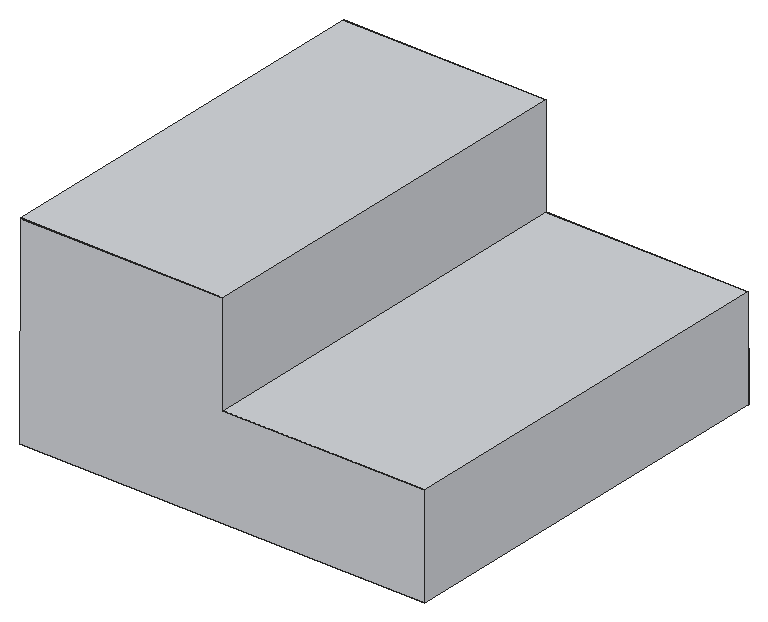
Revit family "FK067-20x20x10-Z", category Furniture Systems, Revit 2019
Family settings
  Round Connector Dimension = Use Diameter
  Part Type = Normal
  Work Plane-Based = No
  Always vertical = Yes
  Cut with Voids When Loaded = No
  Shared = No
  Room Calculation Point = No
Parameters (values of type "Cushy Step, 20L x 20W x 10H, Zippered")
  URL = "https://fomcore.com/"
  Side Fabric = none
  Model = "FK067-20x20x10-Z"
  Manufacturer = "FOMCORE"
  Description = "Lil Explorer - Step"
  Center Fabric = none
Reference planes (in)
  plane 1 "Center F/B": y = 0
  plane 2: z = 0
  plane 3 "Center L/R": x = 0
  plane 4: x = 10
  plane 5: y = 10
  plane 6: y = -10
  plane 7: x = -10
  plane 8: z = 10
  plane 9: z = 5
Forms (in)
  Sweep 1, solid, material <- "Center Fabric"
    path origin (0, 0, 0) x (1, 0, 0) y (0, 0, 1)
      loop
        line (-10, 10) -> (-10, 0) -> (10, 0) -> (10, 5) -> (0, 5) -> (0, 10) -> (-10, 10)
    profile origin (-5, 0, 10) x (0, 0, 1) y (0, -1, 0)
      loop
        line (0, -10) -> (0, 10) -> (-0.24097, 9.75903) -> (-0.24097, -9.75903) -> (0, -10)
  Blend 2, solid, material <- "Side Fabric"
    base sketch origin (0, 0, 0) x (1, 0, 0) y (0, 0, 1)
      loop
        line (0, 10) -> (-10, 10) -> (-10, 0) -> (10, 0) -> (10, 5) -> (0, 5) -> (0, 10)
    top sketch origin (0, 0, 0) x (1, 0, 0) y (0, 0, 1)
      loop
        line (-9.75903, 9.75903) -> (-9.75903, 0.24097) -> (9.75903, 0.24097) -> (9.75903, 4.75903) -> (-0.24097, 4.75903) -> (-0.24097, 9.75903) -> (-9.75903, 9.75903)
    from -10 to -9.75903
  Blend 3, solid, material <- "Side Fabric"
    base sketch origin (0, 0, 0) x (1, 0, 0) y (0, 0, -1)
      loop
        line (0, -10) -> (0, -5) -> (10, -5) -> (10, 0) -> (-10, 0) -> (-10, -10) -> (0, -10)
    top sketch origin (0, 0, 0) x (1, 0, 0) y (0, 0, -1)
      loop
        line (-9.75903, -9.75903) -> (-0.24097, -9.75903) -> (-0.24097, -4.75903) -> (9.75903, -4.75903) -> (9.75903, -0.24097) -> (-9.75903, -0.24097) -> (-9.75903, -9.75903)
    from -10 to -9.75903
Dimensions and locks (in)
  plane 7 to plane 4 = 1' - 8"
  plane 5 to plane 6 = 1' - 8"
  equal spacing: plane 5, plane 1 "Center F/B", plane 6
  equal spacing: plane 7, plane 3 "Center L/R", plane 4
  plane 8 to level = 0' - 10"
  plane 9 to level = 0' - 5"
  plane 4 to plane 7 = 1' - 8"
  aligned and locked: level to plane 2
Automatic sketch dimensions
  Sweep 1 sketch curve to plane 7 = 0' - 0"
  Sweep 1 sketch curve to plane 3 "Center L/R" = 0' - 0"
  plane 4 to Sweep 1 sketch curve = 0' - 0"
  Sweep 1 sketch curve to level = 0' - 0"
  Sweep 1 sketch curve to Sweep 1 sketch curve = 0' - 5"
  Sweep 1 sketch curve to Sweep 1 sketch curve = 0' - 10"
  profile plane to Sweep 1 sketch curve = 0' - 0"
  profile plane to Sweep 1 sketch curve = 0' - 0.24097"
  Sweep 1 sketch curve to plane 1 "Center F/B" = 0' - 10"
  Sweep 1 sketch curve to Sweep 1 sketch curve = 0' - 0.24097"  (x2)
  plane 1 "Center F/B" to Sweep 1 sketch curve = 0' - 9.75903"
  Blend 2 sketch curve to plane 7 = 0' - 0"
  Blend 2 sketch curve to plane 3 "Center L/R" = 0' - 0"
  Blend 2 sketch curve to level = 0' - 0"
  plane 4 to Blend 2 sketch curve = 0' - 0"
  level to Blend 2 sketch curve = 0' - 5"
  Blend 2 sketch curve to Blend 2 sketch curve = 0' - 10"
  plane 7 to Blend 2 sketch curve = 0' - 0.24097"
  Blend 2 sketch curve to plane 3 "Center L/R" = 0' - 0.24097"
  plane 4 to Blend 2 sketch curve = 0' - 0.24097"
  level to Blend 2 sketch curve = 0' - 0.24097"
  Blend 2 sketch curve to Blend 2 sketch curve = 0' - 4.51805"
  Blend 2 sketch curve to Blend 2 sketch curve = 0' - 9.51805"
  Blend 3 sketch curve to plane 7 = 0' - 0"
  Blend 3 sketch curve to plane 3 "Center L/R" = 0' - 0"
  Blend 3 sketch curve to level = 0' - 0"
  plane 4 to Blend 3 sketch curve = 0' - 0"
  level to Blend 3 sketch curve = 0' - 5"
  Blend 3 sketch curve to Blend 3 sketch curve = 0' - 5"
  plane 7 to Blend 3 sketch curve = 0' - 0.24097"
  Blend 3 sketch curve to plane 3 "Center L/R" = 0' - 0.24097"
  plane 4 to Blend 3 sketch curve = 0' - 0.24097"
  level to Blend 3 sketch curve = 0' - 9.75903"
  level to Blend 3 sketch curve = 0' - 4.75903"
  level to Blend 3 sketch curve = 0' - 0.24097"
